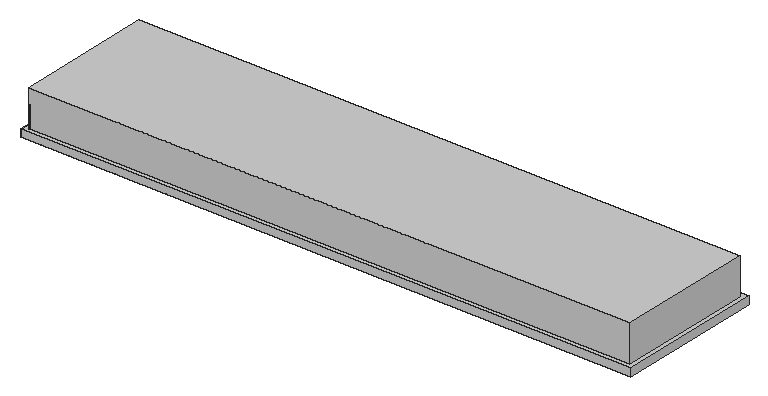
Revit family "Zumtobel LF3-E M625L", category Leuchten, Revit 2016
Family settings
  Basisbauteil = Decke
  Teiletyp = Normal
  Bemaßung runder Anschluss = Durchmesser verwenden
  OmniClass-Nummer = 23.80.70.11
  OmniClass-Titel = Luminaries for Internal Lighting
  Immer vertikal = Ja
  Beim Laden mit Abzugskörper schneiden = Nein
  Lichtquelle = Ja
  Gemeinsam genutzt = Nein
  Raumberechnungspunkt = Nein
Parameters (values of type "LF3 E 5000LED M625L")
  Width = 1248 mm
  Wattage = 33.6605 W
  built-in parameter 1150110 = 1 (stored number, unit not read)
  URL = "http://www.zumtobel.com/42186934"
  built-in parameter 1114217 = 1 (stored number, unit not read)
  Tilt Angle = 90.00°
  built-in parameter 1150109 = 1 (stored number, unit not read)
  built-in parameter 1150134 = 12
  built-in parameter 1150113 = 1 (stored number, unit not read)
  Datei für fotometrisches Netz = "D41758AA_LF3_E_5000-940_M625L12_LDE_KA_WH.IES"
  Modell = "42186934"
  Hersteller = "Zumtobel Lighting"  # constant formula
  built-in parameter 1150105 = 397.89 (stored number, unit not read)
  Lumens = 5000 lm
  built-in parameter 1150115 = 1 (stored number, unit not read)
  built-in parameter 1150137 = (empty or 0)
  built-in parameter 1150139 = (empty or 0)
  Length = 300 mm
  built-in parameter 1150112 = 1 (stored number, unit not read)
  built-in parameter 1150114 = 1 (stored number, unit not read)
  Lampe = "LED"
  built-in parameter 1150132 = 2
  built-in parameter 1150102 = (empty or 0)
  built-in parameter 1150107 = 4000 (stored number, unit not read)
  built-in parameter 1150138 = (empty or 0)
  built-in parameter 1150106 = 3.9789 (stored number, unit not read)
  Height = 90 mm
  Von Breite des Rechtecks ausssenden = Width - 22 mm  # 1226 mm
  Von Länge des Rechtecks aussenden = Length - 22 mm  # 278 mm
  Emissionsform beim Rendern sichtbar = yes
  built-in parameter 1150104 = 13.8 (stored number, unit not read)
  Farbtemperaturverschiebung bei Dämpfen der Lampe = <Keine Auswahl>
  Beschreibung = "Recessed micro-pyramidal optic LED luminaire"
  Color Filter = 16777215
  built-in parameter 1114218 = 1 (stored number, unit not read)
  built-in parameter 1150133 = 10 (stored number, unit not read)
  Baugruppenkennzeichen = "D5020200"
  Scheinlast = 37.3 VA
Reference planes
  plane 1 "Center (Front/Back)": y = 0
  plane 2: z = 0
  plane 3 "Center (Left/Right)": x = 0
  plane 4 "Ceiling": z = 4000
  plane 5: z = 3985
  plane 6: z = 4075
  plane 7: y = 150
  plane 8: y = -150
  plane 9: x = -624
  plane 10: x = 624
Forms (mm)
  Extrusion 1, void
    sketch origin (0, 0, 4000) x (0, 1, 0) y (-1, 0, 0)
      loop
        line (140, 614) -> (-140, 614) -> (-140, -614) -> (140, -614) -> (140, 614)
    from -15 to 75
Dimensions and locks
  equal spacing: host sketch curve, plane 3 "Center (Left/Right)", host sketch curve
  equal spacing: host sketch curve, plane 1 "Center (Front/Back)", host sketch curve
  host sketch curve to host sketch curve = 4000 mm  (x2)
  locked: plane 5 to plane 4 "Ceiling" at 15
  "Height": plane 5 to plane 6
  equal spacing: plane 7, plane 1 "Center (Front/Back)", plane 8
  "Length": plane 7 to plane 8
  "Width": plane 9 to plane 10
  equal spacing: plane 9, plane 3 "Center (Left/Right)", plane 10
  locked: plane 7 to Extrusion 1 sketch curve at 10
  locked: Extrusion 1 sketch curve to plane 8 at 10
  locked: Extrusion 1 sketch curve to plane 10 at 10
  locked: plane 9 to Extrusion 1 sketch curve at 10
  locked: connector elem to plane 10 at 100
  aligned: plane 4 "Ceiling" to nested 1
  aligned and locked: Extrusion 1 to plane 6
  aligned and locked: Extrusion 1 to plane 5
  aligned: imposter light to nested 1
  aligned and locked: plane 4 "Ceiling" to nested 1
  aligned and locked: plane 5 to imposter light
Nested families
  nested 1: "Model Zumtobel LIGHT FIELDS - Recessed" at (0, -2.506, 4048) x (0, -1, 0) z (0, 0, 1), type "Type 1"
    with Width 1248 mm, Length 300 mm, Height 90 mm
Connectors
  electrical at (724, 0, 4000), driven by "Scheinlast"
    settings: index 1, voltage 230 V, apparent load 0 VA, apparent load phase1 37.3 VA, apparent load phase2 0 VA, apparent load phase3 0 VA, power factor 1, load classification "Sonstige", number of poles 1, system type 31, power factor state 1, is connector primary yes, connector utility no, sub classification motor no, connector description ""
Definition of nested family "Model Zumtobel LIGHT FIELDS - Recessed"
  Parameters
    Width = 298 mm
    Length = 1198 mm
    Height = 63 mm
    Emit Shape Visible in Rendering = no
    Default Elevation = 0 mm
    Assembly Code = ""
  Reference planes
    plane 1 "Light Source Axis (F/B)": y = 0
    plane 2 "Top": z = -48
    plane 3 "Light Source Axis (L/R)": x = -2.506
    plane 4 "Top Body": z = 0
    plane 5 "Bottom": z = -63
    plane 6 "Left": x = -601.506
    plane 7 "Right": x = 596.494
    plane 8: z = -17
    plane 9: y = 149
    plane 10: y = -149
    plane 11: y = 134
    plane 12: y = -134
    plane 13: z = -55.468
    plane 14: z = -57.935
    plane 15: x = -586.506
    plane 16: x = 581.494
    plane 17: y = 138
    plane 18: z = -2.5
    plane 19: x = -584.006
    plane 20: x = 578.994
    plane 21 "Inside Left": x = -583.006
    plane 22 "Inside Right": x = 577.994
    plane 23 "Light Source Axis": z = -25
    plane 24: y = -138
    plane 25: x = -590.506
    plane 26: x = 585.494
    plane 27 "Insert": z = -48
  Forms (mm)
    Sweep 1, solid
      path origin (0, 0, -63) x (0, 1, 0) y (-1, 0, 0)
        loop
          line (149, -596.494) -> (149, 601.506) -> (-149, 601.506) -> (-149, -596.494) -> (149, -596.494)
      profile "Profile_LIGHT FIELDS : Profile_LIGHT FIELDS" origin (-2.506, 149, -63) x (0, -1, 0) y (0, 0, 1)
        loop
          line (0, 0) -> (15, 0) -> (15, 5.065) -> (14, 5.065) -> (14, 1) -> (1, 1) -> (1, 14) -> (11, 14) -> (11, 63) -> (10, 63) -> (10, 15) -> (0, 15) -> (0, 0)
    Extrusion 2, solid
      sketch origin (-2.506, 0, 0) x (0, 1, 0) y (0, 0, 1)
        loop
          line (138, 0) -> (-138, 0) -> (-138, -2.5) -> (138, -2.5) -> (138, 0)
      from -588 to 588
    Extrusion 3, solid
      sketch origin (-2.506, 0, 0) x (0, 1, 0) y (0, 0, 1)
        loop
          line (134, -57.935) -> (-134, -57.935) -> (-134, -63) -> (134, -63) -> (134, -57.935)
      from -584 to 584
  Cuts and joins
    joined: Sweep 1, Extrusion 2
  Dimensions and locks
    "Length": plane 6 "Left" to plane 7 "Right"
    equal spacing: plane 6 "Left", plane 3 "Light Source Axis (L/R)", plane 7 "Right"
    "Width": plane 9 to plane 10
    locked: plane 6 "Left" to plane 19 at 17.5
    locked: plane 7 "Right" to plane 20 at 17.5
    locked: plane 6 "Left" to plane 15 at 15
    locked: plane 7 "Right" to plane 16 at 15
    locked: plane 19 to plane 21 "Inside Left" at 1
    locked: plane 20 to plane 22 "Inside Right" at 1
    locked: plane 23 "Light Source Axis" to plane 4 "Top Body" at 25
    equal spacing: plane 9, plane 1 "Light Source Axis (F/B)", plane 10
    locked: plane 9 to plane 11 at 15
    locked: plane 12 to plane 10 at 15
    locked: plane 24 to plane 10 at 11
    locked: plane 9 to plane 17 at 11
    locked: plane 6 "Left" to plane 25 at 11
    locked: plane 7 "Right" to plane 26 at 11
    plane 27 "Insert" to plane 13 to plane 14 to plane 5 "Bottom" = 7.468 mm locked, 2.468 mm locked, 5.065 mm locked
    "Height": plane 4 "Top Body" to plane 5 "Bottom"
    aligned and locked: level to plane 2 "Top"
    aligned and locked: Sweep 1 sketch curve to plane 9
    aligned and locked: plane 7 "Right" to Sweep 1 sketch curve
    aligned and locked: Sweep 1 sketch curve to plane 10
    aligned and locked: Sweep 1 sketch curve to plane 6 "Left"
    aligned and locked: plane 17 to Extrusion 2 sketch curve
    aligned and locked: plane 18 to Extrusion 2 sketch curve
    aligned and locked: plane 4 "Top Body" to Extrusion 2 sketch curve
    aligned: plane 19 to Extrusion 2  (x2)
    aligned and locked: Extrusion 3 sketch curve to plane 14
    aligned and locked: plane 11 to Extrusion 3 sketch curve
    aligned and locked: plane 12 to Extrusion 3 sketch curve
    aligned and locked: plane 5 "Bottom" to Extrusion 3 sketch curve
    aligned: plane 20 to Extrusion 2
    aligned and locked: plane 16 to Extrusion 3
    aligned and locked: plane 15 to Extrusion 3
    aligned and locked: Extrusion 2 to plane 26
    aligned and locked: plane 25 to Extrusion 2
    aligned and locked: cut or joined group of Sweep 1, Extrusion 2 to plane 24
  Automatic sketch dimensions
    Extrusion 2 sketch curve to plane 12 = 4 mm
